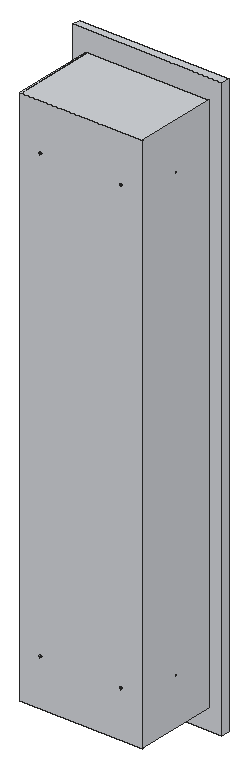
Revit family "AX8717E_0003", category Appareils sanitaires, Revit 2016
Family settings
  Hôte = Mur
  Type d'élément = Normal
  Cote de connecteur circulaire = Utiliser le diamètre
  Numéro OmniClass = 23.75.00.00
  Titre OmniClass = Climate Control (HVAC)
  Toujours verticalement = Oui
  Couper avec des vides une fois chargée = Non
  Partagée = Non
  Point de calcul de pièce = Non
Parameters (values of type "Type 1")
  URL = "https://www.axeuro.com/fr/combines-cote-vasque/25482-combine-a-encastrer-distributeur-de-papier-toilette-et-poubelle-ax8717e.html?search_query=ax8717e&results=2"
  Modèle = "AX8717E"  # constant formula
  Matériaux = "En inox 304 (18/10) Bactériostatique"  # constant formula
  Finition = "Brossé Poli Satiné HyperPolish"  # constant formula
  Fabricant = "Axeuro"  # constant formula
  Description = "Combiné à encastrer : Distributeur de papier toilette et poubelle"  # constant formula
Reference planes
  plane 1 "Mur": y = 0
  plane 2 "Centre (gauche/droite)": x = 0
  plane 3 "Arrière": y = 75
Forms (mm)
  Extrusion 1, solid
    sketch origin (747.861, -281.432, 0) x (1, 0, 0) y (0, 0, 1)
      loop
        line (-607.861, 1670.653) -> (-887.861, 1670.653) -> (-887.861, 570.653) -> (-607.861, 570.653) -> (-607.861, 1670.653)
    from -371.432 to -356.432
  Extrusion 2, solid
    sketch origin (1520.58, -281.432, -364.597) x (1, 0, 0) y (0, 0, 1)
      loop
        line (-1405.58, 1997.25) -> (-1635.58, 1997.25) -> (-1635.58, 973.25) -> (-1405.58, 973.25) -> (-1405.58, 1997.25)
      loop
        line (-1407.08, 974.75) -> (-1407.08, 1995.75) -> (-1634.08, 1995.75) -> (-1634.08, 974.75) -> (-1407.08, 974.75)
    from -356.432 to -200.432
  Extrusion 3, void
    sketch origin (748.861, -281.432, -26) x (1, 0, 0) y (0, 0, 1)
      loop
        circle (-748.861, 1510.653) r 9
    from -371.432 to -356.432
  Extrusion 4, void
    sketch origin (1197.484, -281.432, -196.347) x (1, 0, 0) y (0, 0, 1)
      loop
        line (-1108.484, 1132) -> (-1286.484, 1132) -> (-1286.484, 1034) -> (-1108.484, 1034) -> (-1108.484, 1132)
    from -371.432 to -356.432
  Extrusion 5, void
    sketch origin (16.426, 0, -10) x (1, 0, 0) y (0, 0, 1)
      loop
        circle (59.574, 1554.316) r 3
    from 81 to 79.5
  Extrusion 6, void
    sketch origin (-135.574, 0, -10) x (1, 0, 0) y (0, 0, 1)
      loop
        circle (59.574, 1554.316) r 3
    from 81 to 79.5
  Extrusion 7, void
    sketch origin (16.426, 0, -858) x (1, 0, 0) y (0, 0, 1)
      loop
        circle (59.574, 1554.316) r 3
    from 81 to 79.5
  Extrusion 8, void
    sketch origin (-135.574, 0, -858) x (1, 0, 0) y (0, 0, 1)
      loop
        circle (59.574, 1554.316) r 3
    from 81 to 79.5
  Extrusion 9, void
    sketch origin (0, 0, 86.664) x (0, 1, 0) y (0, 0, 1)
      loop
        circle (-3, 1457.653) r 3
    from 113.5 to 115
  Extrusion 10, void
    sketch origin (0, 0, 86.664) x (0, 1, 0) y (0, 0, -1)
      loop
        circle (-3, -1457.653) r 3
    from 113.5 to 115
  Extrusion 11, void
    sketch origin (0, 0, -761.336) x (0, 1, 0) y (0, 0, 1)
      loop
        circle (-3, 1457.653) r 3
    from 113.5 to 115
  Extrusion 12, void
    sketch origin (0, 0, -761.336) x (0, 1, 0) y (0, 0, -1)
      loop
        circle (-3, -1457.653) r 3
    from 113.5 to 115
  Extrusion 13, solid
    sketch origin (0, 0, 0) x (1, 0, 0) y (0, 1, 0)
      loop
        line (-115, -81) -> (115, -81) -> (115, -79.5) -> (-115, -79.5) -> (-115, -81)
    from 608.653 to 1632.653
  Extrusion 14, void
    sketch origin (0, 75, 0) x (1, 0, 0) y (0, 0, 1)
      loop
        line (113.5, 1631.153) -> (-113.5, 1631.153) -> (-113.5, 610.153) -> (113.5, 610.153) -> (113.5, 1631.153)
    from 0 to 150
Cuts and joins
  Extrusion 3, Extrusion 4, Extrusion 14 cuts Extrusion 1
  Extrusion 5, Extrusion 6, Extrusion 7, Extrusion 8, Extrusion 9, Extrusion 10, Extrusion 11, Extrusion 12, Extrusion 14 cuts Extrusion 2
  Extrusion 5, Extrusion 6, Extrusion 7, Extrusion 8, Extrusion 14 cuts Extrusion 13
  joined: Extrusion 2, Extrusion 13
Lines and regions (mm)
  reference lines
    curve 1: line (95, 75, 1670.653) -> (95, 75, 1669.653)
    curve 2: line (141, 75, 1655.653) -> (140, 75, 1655.653)
    curve 3: line (-76, 0, 1541.316) -> (-76, 0, 1547.316)
Text (mm)
  text "Côté de la mise en place" at (-1820.995, 1116.779, 0), in view "Niveau de réf."
  text "Côté de la mise en place" at (0, 1334.055, 2976.191), in view "Gauche"
  text "Côté de la mise en place" at (0, 439.194, 2944.362), in view "Droite"
Dimensions and locks
  locked: plane 3 "Arrière" to host wall
  aligned and locked: plane 1 "Mur" to host wall
